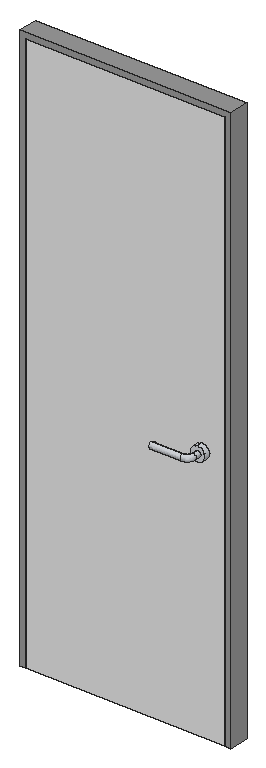
Revit family "- Madrigal", category Doors, host Wall, Revit 2018
Family settings
  Host = Wall
  OmniClass Number = 23.30.10.00
  OmniClass Title = Doors
  Always vertical = Yes
  Cut with Voids When Loaded = No
  Shared = No
  Room Calculation Point = No
Parameters (values of type "- 70 x 200 cm")
  Set de Marcos = ""
  Relleno = ""
  Material Marco = - Perfil Aluminio
  Material Hoja = - HDF Prefinish
  Manilla = - Manilla
  Hojas = "Simple de Abatir"
  Function = Interior
  Frame Projection Ext. = 2.50 cm
  Frame Projection Int. = 2.50 cm
  Frame Width = 7.50 cm
  Height = 200.00 cm
  Wall Closure = By host
  Width = 74.00 cm
  Distancia a Cara Interior = 6.00 cm
  Bisagras = ""
  Ancho Hoja = Width - 4.00 cm  # 70.00 cm
  Ancho = Width  # 74.00 cm
  Analytic Construction = "<None>"
  Alto = Height  # 200.00 cm
Types (12, lengths in cm): name | Material Hoja | Height | Width | Ancho Hoja | Ancho | Alto
  - 70 x 200 cm | - HDF Prefinish | 200.00 | 74.00 | 70.00 | 74.00 | 200.00
  - 75 x 200 cm | none | 200.00 | 79.00 | 75.00 | 79.00 | 200.00
  - 80 x 200 cm | none | 200.00 | 84.00 | 80.00 | 84.00 | 200.00
  - 85 x 200 cm | none | 200.00 | 89.00 | 85.00 | 89.00 | 200.00
  - 90 x 200 cm | none | 200.00 | 94.00 | 90.00 | 94.00 | 200.00
  -100 x 200 cm | none | 200.00 | 104.00 | 100.00 | 104.00 | 200.00
  - 70 x 210 cm | none | 210.00 | 74.00 | 70.00 | 74.00 | 210.00
  - 75 x 210 cm | none | 210.00 | 79.00 | 75.00 | 79.00 | 210.00
  - 80 x 210 cm | none | 210.00 | 84.00 | 80.00 | 84.00 | 210.00
  - 85 x 210 cm | none | 210.00 | 89.00 | 85.00 | 89.00 | 210.00
  - 90 x 210 cm | - HDF Prefinish | 210.00 | 94.00 | 90.00 | 94.00 | 210.00
  - 100 x 210 cm | - HDF Siena | 210.00 | 104.00 | 100.00 | 104.00 | 210.00
Reference planes (cm)
  plane 1: y = 0
  plane 2 "Center (Left/Right)": x = 0
  plane 3 "Left": x = -37
  plane 4 "Right": x = 37
  plane 5: z = 200
  plane 6 "Exterior": y = 7.5
  plane 7 "Interior": y = -7.5
  plane 8: y = -1.5
  plane 9: z = 198
  plane 10: x = -35
  plane 11: x = 35
Forms (cm)
  Sweep 1, solid, material "- Perfil Aluminio" <- "Material Marco"
    path origin (0, 7.5, 0) x (1, 0, 0) y (0, 0, 1)
      loop
        line (37, 0) -> (37, 200) -> (-37, 200) -> (-37, 0)
    profile origin (37, 7.5, 100) x (-1, 0, 0) y (0, -1, 0)
      loop
        line (0, 2) -> (3, 2) -> (3, 4.3) -> (2, 4.3) -> (2, 9) -> (0, 9) -> (0, 2)
  Extrusion 2, solid, material "- HDF Prefinish" <- "Material Hoja"
    sketch origin (0, 0, 0) x (1, 0, 0) y (0, 1, 0)
      loop
        line (-35, -1.5) -> (35, -1.5) -> (35, 3) -> (-35, 3) -> (-35, -1.5)
    from 0 to 198
  Sweep 3, solid, material "- Manilla" <- "Manilla", not visible
    path origin (5.8483, -7.5601, 0) x (1, 0, 0) y (0, 1, 0)
      loop
        line (22.1517, 15.0613) -> (32.1517, 15.0613)
        arc (32.1517, 15.0613) -> (33.5659, 14.4756) -> (34.1517, 13.0613) r 2
        line (34.1517, 13.0613) -> (34.1517, 11.0613)
    profile origin (33, 7.5012, 0) x (0, 1, 0) y (0, 0, 1)
      loop
        circle (0, 90) r 1
  Extrusion 4, solid, material "- Manilla" <- "Manilla", not visible
    sketch origin (0, 7.5, 0) x (1, 0, 0) y (0, 0, 1)
      loop
        circle (40, 90) r 2.5
    from 3.9988 to 5
Lines and regions (cm)
  Opening 1
    outline origin (-305, -7.5, 0) x (1, 0, 0) y (0, 0, 1)
      loop
        line (268, 0) -> (342, 0) -> (342, 200) -> (268, 200) -> (268, 0)
  symbolic lines, style "Elevation Swing"
    curve 1: line (37, -7.5, 100) -> (-37, -7.5, 200)
    curve 2: line (37, -7.5, 100) -> (-37, -7.5, 0)
    curve 7: arc (-30.5, -71.5, 0) -> (16.4246, -49.6941, 0) -> (35.2596, -1.5001, 0) r 69.4706
  symbolic lines
    curve 3: line (-35, -1.5, 0) -> (-35, -71.5, 0)
    curve 4: line (-30.5, -1.5, 0) -> (-35, -1.5, 0)
    curve 5: line (-30.5, -71.5, 0) -> (-30.5, -1.5, 0)
    curve 6: line (-35, -71.5, 0) -> (-30.5, -71.5, 0)
  model lines, not visible
    curve 8: line (-20, 3, 25) -> (20, 3, 25)
    curve 9: line (-20, 3, 65) -> (-20, 3, 25)
    curve 10: line (20, 3, 65) -> (8.6603, 3, 65)
    curve 11: line (20, 3, 25) -> (20, 3, 65)
    curve 12: line (-20, 3, 75) -> (-8.6603, 3, 75)
    curve 13: line (-20, 3, 75) -> (-20, 3, 169.9666)
    curve 14: line (20, 3, 75) -> (20, 3, 169.9666)
    curve 15: arc (-8.6603, 3, 65) -> (0, 3, 60) -> (8.6603, 3, 65) r 10
    curve 16: line (8.6603, 3, 75) -> (20, 3, 75)
    curve 17: line (-8.6603, 3, 65) -> (-20, 3, 65)
    curve 18: arc (8.6603, 3, 75) -> (0, 3, 80) -> (-8.6603, 3, 75) r 10
    curve 19: arc (14.9666, 3, 175) -> (0, 3, 183) -> (-14.9666, 3, 175) r 18
    curve 20: arc (-20, 3, 169.9666) -> (-16.4409, 3, 171.4409) -> (-14.9666, 3, 175) r 5.0334
    curve 21: arc (14.9666, 3, 175) -> (16.4409, 3, 171.4409) -> (20, 3, 169.9666) r 5.0334
    curve 22: line (-9.2195, 3, 64) -> (-19, 3, 64)
    curve 23: line (-19, 3, 64) -> (-19, 3, 26)
    curve 24: arc (9.2195, 3, 64) -> (0, 3, 59) -> (-9.2195, 3, 64) r 11
    curve 25: line (19, 3, 64) -> (9.2195, 3, 64)
    curve 26: line (19, 3, 26) -> (19, 3, 64)
    curve 27: line (-19, 3, 26) -> (19, 3, 26)
    curve 28: line (-18.9928, 3, 168.9932) -> (-18.9928, 3, 76)
    curve 29: arc (-13.9941, 3, 174.9045) -> (-15.4113, 3, 171.0338) -> (-18.9928, 3, 168.9932) r 5.9946
    curve 30: arc (13.9971, 3, 174.7848) -> (0.0327, 3, 182.1538) -> (-13.9941, 3, 174.9045) r 17.0542
    curve 31: arc (19, 3, 169.1276) -> (15.4988, 3, 171.072) -> (13.9971, 3, 174.7848) r 6.0089
    curve 32: line (19, 3, 76) -> (19, 3, 169.1276)
    curve 33: line (9.2195, 3, 76) -> (19, 3, 76)
    curve 34: arc (-9.2195, 3, 76) -> (0, 3, 81) -> (9.2195, 3, 76) r 11
    curve 35: line (-18.9928, 3, 76) -> (-9.2195, 3, 76)
    curve 36: arc (12.052, 3, 174.0667) -> (0.0498, 3, 180.1537) -> (-12.0243, 3, 174.2107) r 15.0542
    curve 37: arc (-12.0243, 3, 174.2107) -> (-13.561, 3, 170.1508) -> (-16.9928, 3, 167.4925) r 7.9946
    curve 38: line (-16.9928, 3, 167.4925) -> (-16.9928, 3, 78)
    curve 39: line (17, 3, 78) -> (17, 3, 167.6269)
    curve 40: arc (17, 3, 167.6269) -> (13.6492, 3, 170.1731) -> (12.052, 3, 174.0667) r 8.0089
    curve 41: line (-16.9928, 3, 78) -> (-10.247, 3, 78)
    curve 42: arc (-10.247, 3, 78) -> (0, 3, 83) -> (10.247, 3, 78) r 13
    curve 43: line (10.247, 3, 78) -> (17, 3, 78)
    curve 44: line (-10.247, 3, 62) -> (-17, 3, 62)
    curve 45: arc (10.247, 3, 62) -> (0, 3, 57) -> (-10.247, 3, 62) r 13
    curve 46: line (17, 3, 62) -> (10.247, 3, 62)
    curve 47: line (17, 3, 28) -> (17, 3, 62)
    curve 48: line (-17, 3, 28) -> (17, 3, 28)
    curve 49: line (-17, 3, 62) -> (-17, 3, 28)
    curve 50: line (-314, -1.5, 25) -> (-274, -1.5, 25)
    curve 51: line (-314, -1.5, 65) -> (-314, -1.5, 25)
    curve 52: line (-274, -1.5, 25) -> (-274, -1.5, 65)
    curve 53: line (-314, -1.5, 70) -> (-274, -1.5, 70)
    curve 54: line (-314, -1.5, 70) -> (-314, -1.5, 87)
    curve 55: line (-274, -1.5, 70) -> (-274, -1.5, 87)
    curve 56: line (-274, -1.5, 65) -> (-314, -1.5, 65)
    curve 57: line (-275, -1.5, 64) -> (-313, -1.5, 64)
    curve 58: line (-313, -1.5, 64) -> (-313, -1.5, 26)
    curve 59: line (-275, -1.5, 26) -> (-275, -1.5, 64)
    curve 60: line (-313, -1.5, 26) -> (-275, -1.5, 26)
    curve 61: line (-312.9928, -1.5, 86) -> (-312.9928, -1.5, 71)
    curve 62: line (-275, -1.5, 71) -> (-275, -1.5, 86)
    curve 63: line (-312.9928, -1.5, 71) -> (-275, -1.5, 71)
    curve 64: line (-310.9928, -1.5, 84) -> (-310.9928, -1.5, 73)
    curve 65: line (-277, -1.5, 73) -> (-277, -1.5, 84)
    curve 66: line (-310.9928, -1.5, 73) -> (-277, -1.5, 73)
    curve 67: line (-277, -1.5, 62) -> (-311, -1.5, 62)
    curve 68: line (-277, -1.5, 28) -> (-277, -1.5, 62)
    curve 69: line (-311, -1.5, 28) -> (-277, -1.5, 28)
    curve 70: line (-311, -1.5, 62) -> (-311, -1.5, 28)
    curve 71: line (-310.9928, -1.5, 84) -> (-277, -1.5, 84)
    curve 72: line (-314, -1.5, 87) -> (-274, -1.5, 87)
    curve 73: line (-312.9928, -1.5, 86) -> (-275, -1.5, 86)
    curve 74: line (-310.9928, -1.5, 84) -> (-277, -1.5, 84)
    curve 75: line (-314, -1.5, 97) -> (-274, -1.5, 97)
    curve 76: line (-314, -1.5, 185) -> (-314, -1.5, 97)
    curve 77: line (-274, -1.5, 97) -> (-274, -1.5, 185)
    curve 78: line (-274, -1.5, 185) -> (-314, -1.5, 185)
    curve 79: line (-275, -1.5, 184) -> (-313, -1.5, 184)
    curve 80: line (-313, -1.5, 184) -> (-313, -1.5, 98)
    curve 81: line (-275, -1.5, 98) -> (-275, -1.5, 184)
    curve 82: line (-313, -1.5, 98) -> (-275, -1.5, 98)
    curve 83: line (-277, -1.5, 182) -> (-311, -1.5, 182)
    curve 84: line (-277, -1.5, 100) -> (-277, -1.5, 182)
    curve 85: line (-311, -1.5, 100) -> (-277, -1.5, 100)
    curve 86: line (-311, -1.5, 182) -> (-311, -1.5, 100)
    curve 87: line (-320, 3, 25) -> (-280, 3, 25)
    curve 88: line (-320, 3, 65) -> (-320, 3, 25)
    curve 89: line (-280, 3, 25) -> (-280, 3, 65)
    curve 90: line (-320, 3, 72.5) -> (-280, 3, 72.5)
    curve 91: line (-280, 3, 65) -> (-320, 3, 65)
    curve 92: line (-281, 3, 64) -> (-319, 3, 64)
    curve 93: line (-319, 3, 64) -> (-319, 3, 26)
    curve 94: line (-281, 3, 26) -> (-281, 3, 64)
    curve 95: line (-319, 3, 26) -> (-281, 3, 26)
    curve 96: line (-319, 3, 73.5) -> (-281, 3, 73.5)
    curve 97: line (-317, 3, 75.5) -> (-283, 3, 75.5)
    curve 98: line (-283, 3, 62) -> (-317, 3, 62)
    curve 99: line (-283, 3, 28) -> (-283, 3, 62)
    curve 100: line (-317, 3, 28) -> (-283, 3, 28)
    curve 101: line (-317, 3, 62) -> (-317, 3, 28)
    curve 102: line (-320, 3, 179.3431) -> (-320, 3, 72.5)
    curve 103: line (-280, 3, 72.5) -> (-280, 3, 179.3431)
    curve 104: line (-319, 3, 178.3431) -> (-319, 3, 73.5)
    curve 105: line (-281, 3, 73.5) -> (-281, 3, 178.3431)
    curve 106: line (-283, 3, 75.5) -> (-283, 3, 176.3431)
    curve 107: line (-317, 3, 176.3431) -> (-317, 3, 75.5)
    curve 108: arc (-292, 3, 181) -> (-300, 3, 185) -> (-308, 3, 181) r 10
    curve 109: arc (-292, 3, 181) -> (-290.1648, 3, 179.7737) -> (-288, 3, 179.3431) r 5.6569
    curve 110: arc (-308, 3, 181) -> (-309.8352, 3, 179.7737) -> (-312, 3, 179.3431) r 5.6569
    curve 111: line (-288, 3, 179.3431) -> (-280, 3, 179.3431)
    curve 112: line (-312, 3, 179.3431) -> (-320, 3, 179.3431)
    curve 113: line (-281, 3, 178.3431) -> (-288, 3, 178.3431)
    curve 114: arc (-288, 3, 178.3431) -> (-290.5825, 3, 178.8645) -> (-292.7604, 3, 180.3468) r 6.6569
    curve 115: arc (-292.7604, 3, 180.3468) -> (-300, 3, 184) -> (-307.2396, 3, 180.3468) r 9
    curve 116: arc (-307.2396, 3, 180.3468) -> (-309.4175, 3, 178.8645) -> (-312, 3, 178.3431) r 6.6569
    curve 117: line (-312, 3, 178.3431) -> (-319, 3, 178.3431)
    curve 118: line (-283, 3, 176.3431) -> (-288, 3, 176.3431)
    curve 119: arc (-288, 3, 176.3431) -> (-291.43, 3, 177.0516) -> (-294.2985, 3, 179.0611) r 8.6569
    curve 120: arc (-294.2985, 3, 179.0611) -> (-300, 3, 182) -> (-305.7015, 3, 179.0611) r 7
    curve 121: arc (-305.7015, 3, 179.0611) -> (-308.57, 3, 177.0516) -> (-312, 3, 176.3431) r 8.6569
    curve 122: line (-312, 3, 176.3431) -> (-317, 3, 176.3431)
    curve 145: line (-25, -1.5, 25) -> (-5, -1.5, 25)
    curve 146: line (-25, -1.5, 65) -> (-25, -1.5, 25)
    curve 147: line (-5, -1.5, 25) -> (-5, -1.5, 65)
    curve 148: line (-25, -1.5, 72.5) -> (-5, -1.5, 72.5)
    curve 149: line (-5, -1.5, 65) -> (-25, -1.5, 65)
    curve 150: line (-25, -1.5, 179.3431) -> (-25, -1.5, 72.5)
    curve 151: arc (-16, -1.5, 181) -> (-17.8352, -1.5, 179.7737) -> (-20, -1.5, 179.3431) r 5.6569
    curve 152: arc (-8, -1.5, 185) -> (-12.4721, -1.5, 183.9443) -> (-16, -1.5, 181) r 10
    curve 153: line (-25, -1.5, 179.3431) -> (-20, -1.5, 179.3431)
    curve 154: line (-5, -1.5, 185) -> (-5, -1.5, 72.5)
    curve 155: line (-8, -1.5, 185) -> (-5, -1.5, 185)
    curve 156: line (25, -1.5, 72.5) -> (5, -1.5, 72.5)
    curve 157: line (25, -1.5, 179.3431) -> (25, -1.5, 72.5)
    curve 158: arc (16, -1.5, 181) -> (17.8352, -1.5, 179.7737) -> (20, -1.5, 179.3431) r 5.6569
    curve 159: arc (8, -1.5, 185) -> (12.4721, -1.5, 183.9443) -> (16, -1.5, 181) r 10
    curve 160: line (25, -1.5, 179.3431) -> (20, -1.5, 179.3431)
    curve 161: line (5, -1.5, 185) -> (5, -1.5, 72.5)
    curve 162: line (8, -1.5, 185) -> (5, -1.5, 185)
    curve 163: line (5, -1.5, 25) -> (25, -1.5, 25)
    curve 164: line (5, -1.5, 65) -> (5, -1.5, 25)
    curve 165: line (25, -1.5, 25) -> (25, -1.5, 65)
    curve 166: line (25, -1.5, 65) -> (5, -1.5, 65)
    curve 189: line (325, 3, 25) -> (345, 3, 25)
    curve 190: line (325, 3, 65) -> (325, 3, 25)
    curve 191: line (345, 3, 25) -> (345, 3, 65)
    curve 192: line (325, 3, 72.5) -> (345, 3, 72.5)
    curve 193: line (345, 3, 65) -> (325, 3, 65)
    curve 194: line (325, 3, 179.3431) -> (325, 3, 72.5)
    curve 195: arc (334, 3, 181) -> (332.1648, 3, 179.7737) -> (330, 3, 179.3431) r 5.6569
    curve 196: arc (342, 3, 185) -> (337.5279, 3, 183.9443) -> (334, 3, 181) r 10
    curve 197: line (325, 3, 179.3431) -> (330, 3, 179.3431)
    curve 198: line (345, 3, 185) -> (345, 3, 72.5)
    curve 199: line (342, 3, 185) -> (345, 3, 185)
    curve 200: line (375, 3, 72.5) -> (355, 3, 72.5)
    curve 201: line (375, 3, 179.3431) -> (375, 3, 72.5)
    curve 202: arc (366, 3, 181) -> (367.8352, 3, 179.7737) -> (370, 3, 179.3431) r 5.6569
    curve 203: arc (358, 3, 185) -> (362.4721, 3, 183.9443) -> (366, 3, 181) r 10
    curve 204: line (375, 3, 179.3431) -> (370, 3, 179.3431)
    curve 205: line (355, 3, 185) -> (355, 3, 72.5)
    curve 206: line (358, 3, 185) -> (355, 3, 185)
    curve 207: line (355, 3, 25) -> (375, 3, 25)
    curve 208: line (355, 3, 65) -> (355, 3, 25)
    curve 209: line (375, 3, 25) -> (375, 3, 65)
    curve 210: line (375, 3, 65) -> (355, 3, 65)
  model lines
    curve 123: line (-25, -1.5, 25) -> (-5, -1.5, 25)
    curve 124: line (-25, -1.5, 65) -> (-25, -1.5, 25)
    curve 125: line (-5, -1.5, 25) -> (-5, -1.5, 65)
    curve 126: line (-25, -1.5, 72.5) -> (-5, -1.5, 72.5)
    curve 127: line (-5, -1.5, 65) -> (-25, -1.5, 65)
    curve 128: line (-25, -1.5, 179.3431) -> (-25, -1.5, 72.5)
    curve 129: arc (-16, -1.5, 181) -> (-17.8352, -1.5, 179.7737) -> (-20, -1.5, 179.3431) r 5.6569
    curve 130: arc (-8, -1.5, 185) -> (-12.4721, -1.5, 183.9443) -> (-16, -1.5, 181) r 10
    curve 131: line (-25, -1.5, 179.3431) -> (-20, -1.5, 179.3431)
    curve 132: line (-5, -1.5, 185) -> (-5, -1.5, 72.5)
    curve 133: line (-8, -1.5, 185) -> (-5, -1.5, 185)
    curve 134: line (25, -1.5, 72.5) -> (5, -1.5, 72.5)
    curve 135: line (25, -1.5, 179.3431) -> (25, -1.5, 72.5)
    curve 136: arc (16, -1.5, 181) -> (17.8352, -1.5, 179.7737) -> (20, -1.5, 179.3431) r 5.6569
    curve 137: arc (8, -1.5, 185) -> (12.4721, -1.5, 183.9443) -> (16, -1.5, 181) r 10
    curve 138: line (25, -1.5, 179.3431) -> (20, -1.5, 179.3431)
    curve 139: line (5, -1.5, 185) -> (5, -1.5, 72.5)
    curve 140: line (8, -1.5, 185) -> (5, -1.5, 185)
    curve 141: line (5, -1.5, 25) -> (25, -1.5, 25)
    curve 142: line (5, -1.5, 65) -> (5, -1.5, 25)
    curve 143: line (25, -1.5, 25) -> (25, -1.5, 65)
    curve 144: line (25, -1.5, 65) -> (5, -1.5, 65)
    curve 167: line (-25, 3, 25) -> (-5, 3, 25)
    curve 168: line (-25, 3, 65) -> (-25, 3, 25)
    curve 169: line (-5, 3, 25) -> (-5, 3, 65)
    curve 170: line (-25, 3, 72.5) -> (-5, 3, 72.5)
    curve 171: line (-5, 3, 65) -> (-25, 3, 65)
    curve 172: line (-25, 3, 179.3431) -> (-25, 3, 72.5)
    curve 173: arc (-16, 3, 181) -> (-17.8352, 3, 179.7737) -> (-20, 3, 179.3431) r 5.6569
    curve 174: arc (-8, 3, 185) -> (-12.4721, 3, 183.9443) -> (-16, 3, 181) r 10
    curve 175: line (-25, 3, 179.3431) -> (-20, 3, 179.3431)
    curve 176: line (-5, 3, 185) -> (-5, 3, 72.5)
    curve 177: line (-8, 3, 185) -> (-5, 3, 185)
    curve 178: line (25, 3, 72.5) -> (5, 3, 72.5)
    curve 179: line (25, 3, 179.3431) -> (25, 3, 72.5)
    curve 180: arc (16, 3, 181) -> (17.8352, 3, 179.7737) -> (20, 3, 179.3431) r 5.6569
    curve 181: arc (8, 3, 185) -> (12.4721, 3, 183.9443) -> (16, 3, 181) r 10
    curve 182: line (25, 3, 179.3431) -> (20, 3, 179.3431)
    curve 183: line (5, 3, 185) -> (5, 3, 72.5)
    curve 184: line (8, 3, 185) -> (5, 3, 185)
    curve 185: line (5, 3, 25) -> (25, 3, 25)
    curve 186: line (5, 3, 65) -> (5, 3, 25)
    curve 187: line (25, 3, 25) -> (25, 3, 65)
    curve 188: line (25, 3, 65) -> (5, 3, 65)
Text (cm)
  text "Exterior" at (-229.5016, 109.9543, 0), in view "Ref. Level"
  text "Exterior" at (0, 161.538, 369.8081), in view "Left"
  text "Exterior" at (0, 103.6032, 387.4932), in view "Right"
Dimensions and locks (cm)
  equal spacing: plane 3 "Left", plane 2 "Center (Left/Right)", plane 4 "Right"
  "Width": plane 3 "Left" to plane 4 "Right"
  "Height": plane 5 to host wall
  equal spacing: host wall, curve 2, plane 5
  host wall to plane 5 = 200.00 cm
  locked: plane 6 "Exterior" to host wall at 0
  locked: plane 7 "Interior" to host wall
  "Distancia a Cara Interior": plane 7 "Interior" to plane 8
  locked: Sweep 1 sketch curve to Sweep 1 sketch curve at 7
  locked: plane 9 to plane 5 at 2
  locked: curve 3 to curve 5 at 4.5
  locked: plane 3 "Left" to plane 10 at 2
  locked: plane 11 to plane 4 "Right" at 2
  "Ancho Hoja": curve 6 to curve 4
  locked: Extrusion 2 sketch curve to Extrusion 2 sketch curve at 4.5
  locked: nested 1 to plane 4 "Right" at 10
  level to nested 1 = 90.00 cm
  locked: nested 2 to plane 4 "Right" at 10
  locked: nested 2 to level at 90
  locked: Sweep 1 sketch curve to Sweep 1 sketch curve at 2.3
  locked: curve 130 to Extrusion 2 at 185
  locked: curve 143 to plane 2 "Center (Left/Right)" at 25
  locked: Extrusion 2 to curve 177 at 185
  locked: plane 2 "Center (Left/Right)" to curve 168 at 25
  aligned and locked: plane 3 "Left" to Opening 1 sketch curve
  aligned and locked: plane 5 to Opening 1 sketch curve  (x2)
  aligned and locked: Opening 1 sketch curve to plane 4 "Right"
  aligned and locked: Opening 1 sketch curve to level
  aligned and locked: plane 5 to curve 1
  aligned and locked: plane 3 "Left" to curve 2
  aligned and locked: plane 1 to host wall
  aligned and locked: plane 3 "Left" to curve 1
  aligned and locked: plane 8 to Sweep 1 sketch curve
  aligned and locked: Extrusion 2 sketch curve to plane 8
  aligned and locked: Sweep 1 to level
  aligned and locked: plane 10 to curve 3
  aligned and locked: Sweep 3 to Extrusion 4
  aligned and locked: Extrusion 2 to plane 9
Automatic sketch dimensions
  plane 4 "Right" to curve 2 = 0.00 cm
  curve 2 to level = 0.00 cm
  plane 3 "Left" to Sweep 1 sketch curve = 0.00 cm
  plane 4 "Right" to Sweep 1 sketch curve = 0.00 cm
  Sweep 1 sketch curve to level = 0.00 cm  (x2)
  Sweep 1 sketch curve to plane 5 = 0.00 cm
  Sweep 1 sketch curve to profile plane = 0.00 cm
  Sweep 1 sketch curve to profile plane = 2.00 cm
  Sweep 1 sketch curve to Sweep 1 sketch curve = 1.00 cm
  curve 7 to plane 8 = 0.0001 cm
  curve 7 to plane 11 = 0.2596 cm
  curve 4 to plane 8 = 0.00 cm
  curve 7 to plane 10 = 0.7919 cm
  Sweep 3 sketch curve to Sweep 3 sketch curve = 10.00 cm
  Sweep 3 sketch curve to Sweep 3 sketch curve = 2.00 cm  (x2)
  Sweep 3 sketch curve to profile plane = 0.00 cm
  profile plane to Sweep 3 sketch curve = 90.00 cm
  Extrusion 2 sketch curve to plane 10 = 0.00 cm
  Extrusion 2 sketch curve to plane 11 = 0.00 cm
  curve 15 to curve 18 = 0.00 cm  (x4)
  curve 15 to curve 24 = 0.00 cm  (x4)
  curve 15 to curve 34 = 0.00 cm  (x4)
  curve 15 to curve 42 = 0.00 cm  (x4)
  curve 15 to curve 45 = 0.00 cm  (x4)
  curve 29 to curve 37 = 0.00 cm  (x4)
  curve 30 to curve 36 = 0.00 cm  (x4)
  curve 31 to curve 40 = 0.00 cm  (x4)
  curve 8 to curve 31 = 0.00 cm
  curve 21 to curve 31 = 0.00 cm
  curve 14 to curve 32 = 1.00 cm
  curve 10 to curve 26 = 1.00 cm
  curve 26 to curve 47 = 2.00 cm
  curve 32 to curve 39 = 2.00 cm
  curve 46 to curve 46 = 6.753 cm
  curve 39 to curve 43 = 6.753 cm
  curve 42 to curve 33 = 1.0274 cm
  curve 45 to curve 25 = 1.0274 cm
  curve 33 to curve 16 = 0.5593 cm
  curve 24 to curve 10 = 0.5593 cm
  curve 16 to curve 24 = 8.6603 cm
  curve 39 to curve 19 = 17.00 cm
  curve 19 to curve 36 = 0.0402 cm
  curve 15 to curve 12 = 8.6603 cm
  curve 15 to curve 17 = 8.6603 cm
  curve 15 to curve 22 = 0.5593 cm
  curve 12 to curve 35 = 0.5593 cm
  curve 22 to curve 44 = 1.0274 cm
  curve 34 to curve 41 = 1.0274 cm
  curve 41 to curve 38 = 6.7459 cm
  curve 47 to curve 48 = 34.00 cm
  curve 38 to curve 35 = 2.00 cm
  curve 44 to curve 22 = 2.00 cm
  curve 28 to curve 29 = 0.9959 cm
  curve 29 to curve 20 = 0.0113 cm
  curve 22 to curve 17 = 1.00 cm
  curve 8 to curve 26 = 1.00 cm
  curve 23 to curve 49 = 2.00 cm
  curve 48 to curve 49 = 34.00 cm
  curve 45 to curve 25 = 2.00 cm
  curve 25 to curve 10 = 1.00 cm
  curve 10 to curve 45 = 5.00 cm
  curve 10 to curve 16 = 10.00 cm
  curve 12 to curve 35 = 1.00 cm
  curve 34 to curve 41 = 2.00 cm
  curve 41 to curve 19 = 87.00 cm
  curve 19 to curve 30 = 0.0997 cm
  curve 36 to curve 38 = 2.3928 cm
  curve 19 to curve 39 = 2.6269 cm
  curve 37 to curve 28 = 1.5007 cm
  curve 39 to curve 32 = 1.5007 cm
  curve 28 to curve 13 = 0.9734 cm
  curve 31 to curve 14 = 0.839 cm
  curve 13 to curve 29 = 4.9378 cm
  curve 29 to curve 20 = 0.0955 cm
  curve 21 to curve 40 = 0.0527 cm
  curve 31 to curve 36 = 1.9451 cm
  curve 55 to curve 62 = 1.4142 cm
  curve 59 to curve 68 = 2.8284 cm
  curve 62 to curve 65 = 2.8284 cm
  curve 53 to curve 63 = 1.4142 cm
  curve 57 to curve 67 = 2.8284 cm
  curve 66 to curve 64 = 33.9928 cm
  curve 68 to curve 69 = 34.00 cm
  curve 64 to curve 63 = 2.8284 cm
  curve 67 to curve 57 = 2.8284 cm
  curve 57 to curve 56 = 1.4142 cm
  curve 50 to curve 59 = 1.4142 cm
  curve 58 to curve 70 = 2.8284 cm
  curve 69 to curve 70 = 34.00 cm  (x2)
  curve 53 to curve 63 = 1.4193 cm
  curve 65 to curve 62 = 2.8284 cm
  curve 61 to curve 54 = 1.4193 cm
  curve 18 to curve 24 = 0.00 cm  (x2)
  curve 18 to curve 34 = 0.00 cm  (x2)
  curve 18 to curve 42 = 0.00 cm  (x2)
  curve 18 to curve 45 = 0.00 cm  (x2)
  curve 24 to curve 34 = 0.00 cm  (x2)
  curve 24 to curve 42 = 0.00 cm  (x2)
  curve 24 to curve 45 = 0.00 cm  (x2)
  curve 34 to curve 42 = 0.00 cm  (x2)
  curve 34 to curve 45 = 0.00 cm  (x2)
  curve 42 to curve 45 = 0.00 cm  (x2)
  curve 72 to curve 51 = 0.00 cm
  curve 75 to curve 54 = 0.00 cm
  curve 76 to curve 79 = 1.00 cm
  curve 51 to curve 57 = 1.00 cm
  curve 53 to curve 63 = 1.0072 cm
  curve 79 to curve 86 = 2.00 cm
  curve 58 to curve 70 = 2.00 cm
  curve 61 to curve 66 = 2.00 cm
  curve 64 to curve 65 = 33.9928 cm
  curve 69 to curve 69 = 34.00 cm
  curve 85 to curve 65 = 0.00 cm
  curve 68 to curve 60 = 2.00 cm
  curve 65 to curve 63 = 2.00 cm
  curve 84 to curve 82 = 2.00 cm
  curve 62 to curve 55 = 1.00 cm
  curve 57 to curve 56 = 1.00 cm  (x2)
  curve 79 to curve 78 = 1.00 cm  (x2)
  curve 50 to curve 59 = 1.00 cm
  curve 59 to curve 68 = 2.00 cm
  curve 67 to curve 57 = 2.00 cm
  curve 52 to curve 53 = 5.00 cm
  curve 53 to curve 63 = 1.00 cm
  curve 62 to curve 66 = 2.00 cm
  curve 65 to curve 71 = 11.00 cm
  curve 65 to curve 62 = 2.00 cm
  curve 62 to curve 72 = 1.00 cm
  curve 55 to curve 75 = 10.00 cm
  curve 75 to curve 82 = 1.00 cm
  curve 81 to curve 84 = 2.00 cm
  curve 84 to curve 84 = 82.00 cm
  curve 83 to curve 79 = 2.00 cm
  curve 87 to curve 90 = 0.00 cm
  curve 103 to curve 105 = 1.00 cm
  curve 89 to curve 92 = 1.00 cm
  curve 105 to curve 106 = 2.00 cm
  curve 92 to curve 99 = 2.00 cm
  curve 98 to curve 98 = 34.00 cm
  curve 106 to curve 107 = 34.00 cm
  curve 97 to curve 96 = 2.00 cm
  curve 98 to curve 92 = 2.00 cm
  curve 96 to curve 102 = 1.00 cm
  curve 92 to curve 91 = 1.00 cm
  curve 87 to curve 94 = 1.00 cm
  curve 94 to curve 99 = 2.00 cm
  curve 100 to curve 101 = 34.00 cm
  curve 98 to curve 93 = 2.00 cm
  curve 92 to curve 89 = 1.00 cm
  curve 89 to curve 103 = 7.50 cm
  curve 90 to curve 105 = 1.00 cm
  curve 96 to curve 106 = 2.00 cm
  curve 97 to curve 107 = 100.8431 cm
  curve 106 to curve 107 = 0.00 cm
  curve 106 to curve 105 = 2.00 cm
  curve 105 to curve 103 = 1.00 cm
  curve 108 to curve 115 = 0.00 cm  (x4)
  curve 108 to curve 120 = 0.00 cm  (x4)
  curve 109 to curve 114 = 0.00 cm  (x3)
  curve 109 to curve 119 = 0.00 cm  (x4)
  curve 110 to curve 116 = 0.00 cm  (x3)
  curve 110 to curve 121 = 0.00 cm  (x3)
  curve 114 to curve 119 = 0.00 cm  (x3)
  curve 116 to curve 121 = 0.00 cm  (x4)
  curve 106 to curve 111 = 5.00 cm
  curve 118 to curve 115 = 12.00 cm
  curve 110 to curve 104 = 7.00 cm
  curve 115 to curve 106 = 1.3431 cm
  curve 122 to curve 117 = 2.00 cm
  curve 117 to curve 112 = 1.00 cm
  curve 110 to curve 121 = 5.6569 cm
  curve 111 to curve 109 = 5.6569 cm
  curve 109 to curve 109 = 4.00 cm
  curve 108 to curve 115 = 0.7604 cm
  curve 115 to curve 119 = 1.5381 cm
  curve 115 to curve 120 = 0.00 cm  (x2)
  curve 128 to curve 124 = 0.00 cm
  curve 126 to curve 139 = 10.00 cm
  curve 123 to curve 141 = 10.00 cm
  curve 141 to curve 123 = 0.00 cm
  curve 125 to curve 126 = 7.50 cm
  curve 142 to curve 139 = 7.50 cm
  curve 130 to curve 137 = 0.00 cm
  curve 150 to curve 146 = 0.00 cm
  curve 148 to curve 161 = 10.00 cm
  curve 145 to curve 163 = 10.00 cm
  curve 163 to curve 145 = 0.00 cm
  curve 147 to curve 148 = 7.50 cm
  curve 164 to curve 161 = 7.50 cm
  curve 152 to curve 159 = 0.00 cm
  curve 172 to curve 168 = 7.50 cm
  curve 170 to curve 183 = 10.00 cm
  curve 167 to curve 185 = 10.00 cm
  curve 185 to curve 167 = 30.00 cm
  curve 169 to curve 170 = 7.50 cm  (x2)
  curve 186 to curve 183 = 7.50 cm  (x2)
  curve 174 to curve 181 = 16.00 cm
  curve 194 to curve 190 = 7.50 cm
  curve 192 to curve 205 = 10.00 cm
  curve 189 to curve 207 = 10.00 cm
  curve 207 to curve 189 = 30.00 cm
  curve 191 to curve 192 = 7.50 cm  (x2)
  curve 208 to curve 205 = 7.50 cm  (x2)
  curve 196 to curve 203 = 16.00 cm
  curve 187 to curve 178 = 0.00 cm
  curve 185 to curve 167 = 10.00 cm
  curve 169 to curve 176 = 0.00 cm
  curve 185 to curve 167 = 0.00 cm
  curve 174 to curve 181 = 0.00 cm
  curve 209 to curve 200 = 0.00 cm
  curve 207 to curve 189 = 10.00 cm
  curve 191 to curve 198 = 0.00 cm
  curve 207 to curve 189 = 0.00 cm
  curve 196 to curve 203 = 0.00 cm
  curve 175 to curve 175 = 5.00 cm
  curve 176 to curve 174 = 3.00 cm
  curve 177 to curve 173 = 12.00 cm
  curve 174 to curve 172 = 4.3431 cm
  curve 177 to curve 183 = 0.00 cm
  curve 173 to curve 173 = 5.6569 cm
  curve 174 to curve 177 = 10.00 cm
  curve 179 to curve 180 = 5.00 cm
  curve 180 to curve 181 = 12.00 cm
  curve 184 to curve 184 = 3.00 cm
  curve 170 to curve 174 = 102.50 cm
  curve 181 to curve 182 = 4.3431 cm
  curve 180 to curve 180 = 5.6569 cm
  curve 185 to curve 185 = 20.00 cm
  curve 188 to curve 169 = 0.00 cm
  curve 171 to curve 170 = 0.00 cm
  curve 167 to curve 171 = 40.00 cm
  curve 197 to curve 197 = 5.00 cm
  curve 198 to curve 196 = 3.00 cm
  curve 199 to curve 195 = 12.00 cm
  curve 196 to curve 194 = 4.3431 cm
  curve 199 to curve 205 = 0.00 cm
  curve 195 to curve 195 = 5.6569 cm
  curve 196 to curve 199 = 10.00 cm
  curve 201 to curve 202 = 5.00 cm
  curve 202 to curve 203 = 12.00 cm
  curve 206 to curve 206 = 3.00 cm
  curve 192 to curve 196 = 102.50 cm
  curve 203 to curve 204 = 4.3431 cm
  curve 202 to curve 202 = 5.6569 cm
  curve 207 to curve 207 = 20.00 cm
  curve 210 to curve 191 = 0.00 cm
  curve 193 to curve 192 = 0.00 cm
  curve 189 to curve 193 = 40.00 cm
  curve 128 to curve 131 = 5.00 cm
  curve 129 to curve 130 = 12.00 cm
  curve 126 to curve 125 = 0.00 cm
  curve 130 to curve 128 = 4.3431 cm
  curve 130 to curve 133 = 10.00 cm
  curve 129 to curve 129 = 5.6569 cm
  curve 139 to curve 137 = 3.00 cm
  curve 140 to curve 136 = 12.00 cm
  curve 135 to curve 143 = 0.00 cm
  curve 126 to curve 130 = 102.50 cm
  curve 137 to curve 138 = 4.3431 cm
  curve 137 to curve 140 = 10.00 cm
  curve 136 to curve 136 = 5.6569 cm
  curve 126 to curve 126 = 20.00 cm
  curve 127 to curve 142 = 0.00 cm
  curve 141 to curve 141 = 20.00 cm
  curve 123 to curve 127 = 40.00 cm
  curve 150 to curve 153 = 5.00 cm
  curve 151 to curve 152 = 12.00 cm
  curve 148 to curve 147 = 0.00 cm
  curve 152 to curve 150 = 4.3431 cm
  curve 152 to curve 155 = 10.00 cm
  curve 151 to curve 151 = 5.6569 cm
  curve 161 to curve 159 = 3.00 cm
  curve 162 to curve 158 = 12.00 cm
  curve 157 to curve 165 = 0.00 cm
  curve 148 to curve 152 = 102.50 cm
  curve 159 to curve 160 = 4.3431 cm
  curve 159 to curve 162 = 10.00 cm
  curve 158 to curve 158 = 5.6569 cm
  curve 148 to curve 148 = 20.00 cm
  curve 149 to curve 164 = 0.00 cm
  curve 163 to curve 163 = 20.00 cm
  curve 145 to curve 149 = 40.00 cm
  radius of Sweep 3 sketch curve = 1.00 cm
  radius of Extrusion 4 sketch curve = 2.50 cm
Nested families (cm)
  nested 1: "- Manilla Generica Puerta" at (27, 3, 90) x (0, 0, -1) z (0, 1, 0), type "- Manilla Generica Puerta"
  nested 2: "- Manilla Generica Puerta" at (27, -1.5, 90) x (0, 0, -1) z (0, -1, 0), type "- Manilla Generica Puerta"
Definition of nested family "- Manilla Generica Puerta"
  Parameters (values of type "- Manilla Generica Puerta")
    Manilla = none
    Default Elevation = 121.92 cm
  Reference planes (cm)
    plane 1 "Center (Front/Back)": y = 0
    plane 2: z = 0
    plane 3 "Center (Left/Right)": x = 0
    plane 4: z = 2
  Forms (cm)
    Extrusion 1, solid
      sketch origin (0, 0, 0) x (1, 0, 0) y (0, 1, 0)
        loop
          line (-121.92, 121.92) -> (-121.92, -121.92) -> (121.92, -121.92) -> (121.92, 121.92) -> (-121.92, 121.92)
      from 0 to -30.48
    Extrusion 2, solid, material <- "Manilla"
      sketch origin (0, 0, 0) x (1, 0, 0) y (0, 1, 0)
        loop
          circle (0, 0) r 2.5
      from 0 to 2
    Sweep 3, solid, material <- "Manilla"
      path origin (0, 0, 0) x (0, 1, 0) y (0, 0, 1)
        loop
          line (0, 2) -> (0, 4)
          arc (0, 4) -> (0.5858, 5.4142) -> (2, 6) r 2
          line (2, 6) -> (13, 6)
      profile origin (0, 0, 3) x (0, -1, 0) y (1, 0, 0)
        loop
          circle (0, 0) r 1
  Dimensions and locks (cm)
    locked: Extrusion 2 to Extrusion 2 at 2
    locked: plane 4 to level at 2
    aligned and locked: plane 2 to Extrusion 1
    aligned and locked: level to Extrusion 1
    aligned and locked: plane 4 to Sweep 3
